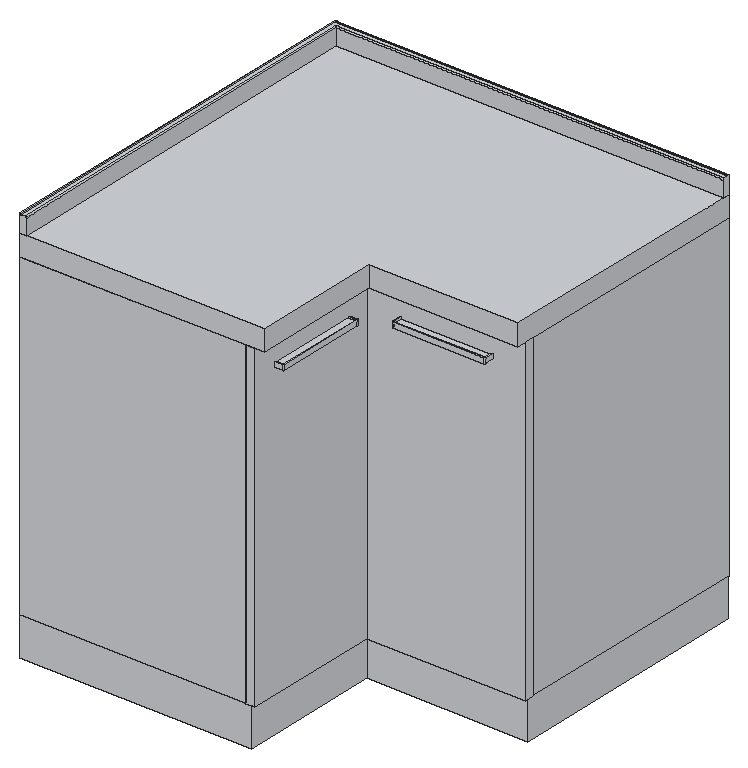
Revit family
Parameters (values of type "931 x 931 x 900mm")
  Top Material = none
  Material = none
  Handle Material = none
  Description = "Corner"
  Depth = 931 mm
  Height = 900 mm
  Width = 931 mm
  Assembly Code = ""
Reference planes
  plane 1 "Back": y = 0
  plane 2: z = 0
  plane 3 "Center (Left/Right)": x = 44.7
  plane 4 "Front": y = -931
  plane 5 "Left": x = -420.8
  plane 6 "Right": x = 510.2
  plane 7 "Top": z = 900
  plane 8: z = 90
  plane 9: z = 850
  plane 10: y = -622
  plane 11: x = 157.2
Forms (mm)
  Extrusion 1, solid
    sketch origin (0, 0, 0) x (1, 0, 0) y (0, 1, 0)
      loop
        line (-420.8, 0) -> (-420.8, -909) -> (-398.8, -909) -> (-398.8, -22) -> (488.2, -22) -> (488.2, -578) -> (510.2, -578) -> (510.2, 0) -> (-420.8, 0)
    from 90 to 850
  Extrusion 2, solid, material <- "Material"
    sketch origin (0, -20, 0) x (1, 0, 0) y (0, 1, 0)
      loop
        line (-420.8, -911) -> (112.2, -911) -> (112.2, -889) -> (-420.8, -889) -> (-420.8, -911)
    from 90 to 850
  Extrusion 3, solid, material <- "Top Material"
    sketch origin (0, 0, 900) x (0, -1, 0) y (-1, 0, 0)
      loop
        line (0, 420.8) -> (0, -510.2) -> (622, -510.2) -> (622, -157.2) -> (931, -157.2) -> (931, 420.8) -> (0, 420.8)
    from 0 to 50
  Extrusion 4, solid, material <- "Material"
    sketch origin (0, 0, 900) x (0, -1, 0) y (-1, 0, 0)
      loop
        line (0.534, 420.8) -> (0.534, -510.2) -> (592, -510.2) -> (592, -127.2) -> (931, -127.2) -> (931, 420.8) -> (0.534, 420.8)
    from 810 to 900
  Sweep 5, solid, material <- "Top Material"
    path origin (0, 0, 900) x (0, -1, 0) y (1, 0, 0)
      loop
        line (0, 510.2) -> (0, -420.8) -> (931, -420.8)
    profile origin (44.7, 0, 0) x (0, -1, 0) y (0, 0, 1)
      loop
        line (0, 900) -> (15, 900) -> (15, 938)
        arc (15, 938) -> (14.414, 939.414) -> (13, 940) r 2
        line (13, 940) -> (1.504, 940) -> (1.504, 942.003) -> (0, 942.003) -> (0, 900)
  Extrusion 6, solid, material <- "Material"
    sketch origin (309, 311, 0) x (1, 0, 0) y (0, 1, 0)
      loop
        line (-173.8, -911) -> (201.2, -911) -> (201.2, -889) -> (-173.8, -889) -> (-173.8, -911)
    from 90 to 850
  Extrusion 7, solid, material <- "Material"
    sketch origin (-753.8, -729.8, 0) x (0, -1, 0) y (1, 0, 0)
      loop
        line (-151.8, 889) -> (-151.8, 867) -> (201.2, 867) -> (201.2, 889) -> (-151.8, 889)
    from 90 to 850
Dimensions and locks
  "Width": plane 6 "Right" to plane 5 "Left"
  equal spacing: plane 6 "Right", plane 3 "Center (Left/Right)", plane 5 "Left"
  "Depth": plane 4 "Front" to plane 1 "Back"
  "Height": level to plane 7 "Top"
  locked: Extrusion 1 sketch curve to Extrusion 1 sketch curve at 22  (x3)
  locked: plane 8 to level at 90
  locked: plane 7 "Top" to plane 9 at 50
  plane 5 "Left" to plane 6 "Right" = 931 mm
  plane 5 "Left" to plane 11 = 578 mm
  locked: plane 10 to plane 1 "Back" at 622
  equal spacing: Extrusion 7, nested 1, Extrusion 3
  equal spacing: plane 4 "Front", nested 2, Extrusion 6
  nested 1 to level = 799.2 mm
  aligned and locked: Extrusion 1 sketch curve to plane 6 "Right"
  aligned and locked: plane 1 "Back" to Extrusion 1 sketch curve
  aligned and locked: Extrusion 1 sketch curve to plane 5 "Left"
  aligned and locked: Extrusion 2 to plane 9
  aligned and locked: Extrusion 1 to plane 9
  aligned and locked: plane 8 to Extrusion 2
  aligned and locked: plane 8 to Extrusion 1
  aligned and locked: Extrusion 4 to Extrusion 1
  aligned and locked: nested 1 to nested 2
Automatic sketch dimensions
  Sweep 5 sketch curve to plane 6 "Right" = 0 mm
  Sweep 5 sketch curve to profile plane = 0 mm  (x2)
  Sweep 5 sketch curve to profile plane = 1.504 mm
  Sweep 5 sketch curve to Sweep 5 sketch curve = 11.496 mm
  Sweep 5 sketch curve to profile plane = 15 mm
  profile plane to Sweep 5 sketch curve = 38 mm
  Sweep 5 sketch curve to Sweep 5 sketch curve = 2.003 mm
  Extrusion 6 sketch curve to plane 10 = 44 mm
  plane 11 to Extrusion 6 sketch curve = 22 mm
  Extrusion 6 sketch curve to plane 6 "Right" = 0 mm
  Extrusion 6 sketch curve to plane 10 = 22 mm
  Extrusion 1 sketch curve to plane 10 = 44 mm
  Extrusion 1 sketch curve to plane 4 "Front" = 22 mm
  plane 11 to Extrusion 7 sketch curve = 22 mm
  Extrusion 7 sketch curve to plane 10 = 44 mm
  Extrusion 7 sketch curve to plane 4 "Front" = 0 mm
  plane 11 to Extrusion 7 sketch curve = 44 mm
  Extrusion 4 sketch curve to plane 5 "Left" = 0 mm
  Extrusion 4 sketch curve to plane 6 "Right" = 0 mm
  Extrusion 4 sketch curve to plane 4 "Front" = 0 mm
  Extrusion 4 sketch curve to plane 10 = 30 mm
  plane 1 "Back" to Extrusion 4 sketch curve = 0.534 mm
  plane 11 to Extrusion 4 sketch curve = 30 mm
  Extrusion 3 sketch curve to plane 1 "Back" = 0 mm
  Extrusion 3 sketch curve to plane 10 = 0 mm
  Extrusion 3 sketch curve to plane 4 "Front" = 0 mm
  Extrusion 3 sketch curve to plane 5 "Left" = 0 mm
  Extrusion 3 sketch curve to plane 11 = 0 mm
  Extrusion 3 sketch curve to plane 6 "Right" = 0 mm
  Extrusion 2 sketch curve to plane 5 "Left" = 0 mm
  Extrusion 2 sketch curve to plane 4 "Front" = 0 mm
  Extrusion 2 sketch curve to plane 4 "Front" = 22 mm
  plane 11 to Extrusion 2 sketch curve = 45 mm
  Sweep 5 sketch curve to plane 1 "Back" = 0 mm
  Sweep 5 sketch curve to plane 4 "Front" = 0 mm
  Sweep 5 sketch curve to plane 5 "Left" = 0 mm
Nested families
  nested 1: "Casework Handle" at (597.577, -623, 787.2), type "220 x 23mm"
  nested 2: "Casework Handle" at (158.2, -490.623, 787.2) x (0, 1, 0) z (0, 0, 1), type "220 x 23mm"
Definition of nested family "Casework Handle"
  Parameters (values of type "220 x 23mm")
    Material = none
  Reference planes
    plane 1 "Center (Front/Back)": y = 0
    plane 2: z = 0
    plane 3 "Center (Left/Right)": x = -274.877
    plane 4: x = -384.877
    plane 5: x = -164.877
    plane 6: y = 23
    plane 7: z = 12
  Forms (mm)
    Sweep 1, solid, material <- "Material"
      path origin (0, 0, 0) x (1, 0, 0) y (0, 1, 0)
        loop
          line (-384.877, 23) -> (-384.877, 2.5)
          arc (-384.877, 2.5) -> (-384.145, 0.732) -> (-382.377, 0) r 2.5
          line (-382.377, 0) -> (-167.377, 0)
          arc (-167.377, 0) -> (-165.609, 0.732) -> (-164.877, 2.5) r 2.5
          line (-164.877, 2.5) -> (-164.877, 23)
      profile origin (0, 12.75, 0) x (1, 0, 0) y (0, 0, 1)
        loop
          line (-384.877, 0) -> (-382.877, 0) -> (-382.877, 12) -> (-384.877, 12) -> (-384.877, 0)
    Extrusion 2, solid, material <- "Material"
      sketch origin (0, 0, 0) x (1, 0, 0) y (0, 1, 0)
        loop
          arc (-382.877, 2.5) -> (-382.731, 2.146) -> (-382.377, 2) r 0.5
          line (-382.377, 2) -> (-167.377, 2)
          arc (-167.377, 2) -> (-167.023, 2.146) -> (-166.877, 2.5) r 0.5
          line (-166.877, 2.5) -> (-166.877, 23) -> (-382.877, 23) -> (-382.877, 2.5)
      from 2.765 to 9.254
  Dimensions and locks
    equal spacing: plane 4, plane 3 "Center (Left/Right)", plane 5
